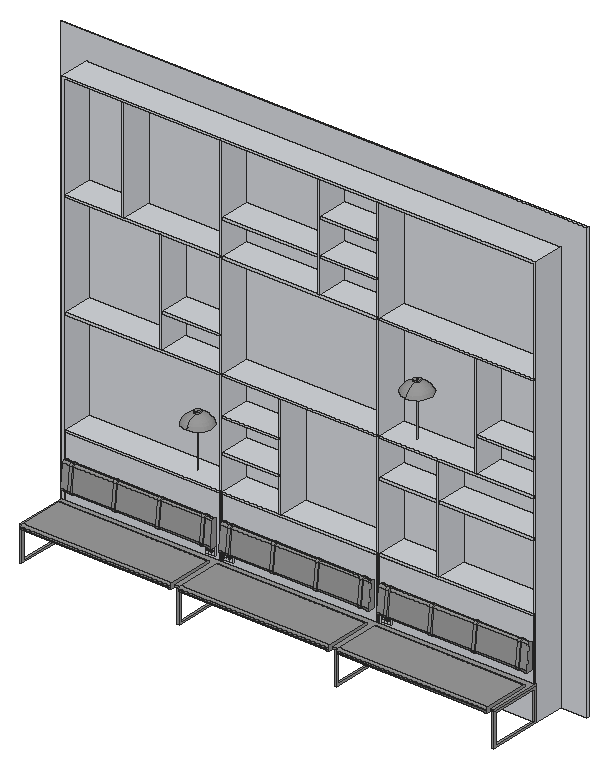
Revit family "Bar Library Short", category Furniture Systems, Revit 2015
Reference planes
  plane 1 "Center (Front/Back)": y = 0
  plane 2: z = 0
  plane 3 "Center (Left/Right)": x = 0
Forms (mm)
  Extrusion 1, solid
    sketch origin (-1480, 20, 0) x (1, 0, 0) y (0, 1, 0)
      loop
        line (-1520, 0) -> (-1520, -20) -> (4480, -20) -> (4480, 0) -> (-1520, 0)
    from 0 to 5000
  Extrusion 2, solid
    sketch origin (-3000, 0, 0) x (1, 0, 0) y (0, 0, 1)
      loop
        line (300, 4700) -> (300, 0) -> (325, 0) -> (325, 4675) -> (5675, 4675) -> (5675, 0) -> (5700, 0) -> (5700, 4700) -> (300, 4700)
    from 0 to 350
  Extrusion 3, solid
    sketch origin (-3000, 0, 0) x (1, 0, 0) y (0, 0, 1)
      loop
        line (2091.5, 0) -> (2116.5, 0) -> (2116.5, 4675) -> (2091.5, 4675) -> (2091.5, 0)
      loop
        line (3883.5, 0) -> (3908.5, 0) -> (3908.5, 4675) -> (3883.5, 4675) -> (3883.5, 0)
    from 0 to 350
  Extrusion 4, solid
    sketch origin (-3000, 0, 1150) x (1, 0, 0) y (0, 0, 1)
      loop
        line (325, 1125) -> (2091.5, 1125) -> (2091.5, 1150) -> (325, 1150) -> (325, 1125)
    from 0 to 350
  Extrusion 5, solid
    sketch origin (-3000, 0, 2350) x (1, 0, 0) y (0, 0, 1)
      loop
        line (325, 1125) -> (2091.5, 1125) -> (2091.5, 1150) -> (325, 1150) -> (325, 1125)
    from 0 to 350
  Extrusion 6, solid
    sketch origin (-1212.5, 0, 1150) x (1, 0, 0) y (0, 0, 1)
      loop
        line (329, 1125) -> (2096, 1125) -> (2096, 1150) -> (329, 1150) -> (329, 1125)
    from 0 to 350
  Extrusion 7, solid
    sketch origin (-1212.5, 0, 2350) x (1, 0, 0) y (0, 0, 1)
      loop
        line (329, 1125) -> (2096, 1125) -> (2096, 1150) -> (329, 1150) -> (329, 1125)
    from 0 to 350
  Extrusion 8, solid
    sketch origin (587.5, 0, 1150) x (1, 0, 0) y (0, 0, 1)
      loop
        line (321, 1125) -> (2087.5, 1125) -> (2087.5, 1150) -> (321, 1150) -> (321, 1125)
    from 0 to 350
  Extrusion 9, solid
    sketch origin (587.5, 0, 2350) x (1, 0, 0) y (0, 0, 1)
      loop
        line (321, 1125) -> (2087.5, 1125) -> (2087.5, 1150) -> (321, 1150) -> (321, 1125)
    from 0 to 350
  Extrusion 10, solid
    sketch origin (-3000, 0, 1550) x (1, 0, 0) y (0, 0, 1)
      loop
        line (1432.5, 1125) -> (2091.5, 1125) -> (2091.5, 1150) -> (1432.5, 1150) -> (1432.5, 1125)
    from 0 to 350
  Extrusion 11, solid
    sketch origin (-442.5, 0, 1800.745) x (0, 0, 1) y (-1, 0, 0)
      loop
        line (499.255, 1125) -> (1674.255, 1125) -> (1674.255, 1150) -> (499.255, 1150) -> (499.255, 1125)
    from 0 to 350
  Extrusion 12, solid
    sketch origin (-1200, 0, 2750) x (1, 0, 0) y (0, 0, 1)
      loop
        line (316.5, 1125) -> (2083.5, 1125) -> (2083.5, 1150) -> (316.5, 1150) -> (316.5, 1125)
    from 0 to 350
  Extrusion 13, solid
    sketch origin (1357.5, 0, 3000.745) x (0, 0, 1) y (-1, 0, 0)
      loop
        line (499.255, 1125) -> (1674.255, 1125) -> (1674.255, 1150) -> (499.255, 1150) -> (499.255, 1125)
    from 0 to 350
  Extrusion 14, solid
    sketch origin (-1200, 0, 3150) x (1, 0, 0) y (0, 0, 1)
      loop
        line (1432.5, 1125) -> (2083.5, 1125) -> (2083.5, 1150) -> (1432.5, 1150) -> (1432.5, 1125)
    from 0 to 350
  Extrusion 15, solid
    sketch origin (587.5, 0, 1550) x (1, 0, 0) y (0, 0, 1)
      loop
        line (1432.5, 1125) -> (2087.5, 1125) -> (2087.5, 1150) -> (1432.5, 1150) -> (1432.5, 1125)
    from 0 to 350
  Extrusion 16, solid
    sketch origin (3145, 0, 1800.745) x (0, 0, 1) y (-1, 0, 0)
      loop
        line (499.255, 1125) -> (1674.255, 1125) -> (1674.255, 1150) -> (499.255, 1150) -> (499.255, 1125)
    from 0 to 350
  Extrusion 17, solid
    sketch origin (1200, 0, 3000) x (-1, 0, 0) y (0, 0, -1)
      loop
        line (1432.5, 1125) -> (2083.5, 1125) -> (2083.5, 1150) -> (1432.5, 1150) -> (1432.5, 1125)
    from 0 to 350
  Extrusion 18, solid
    sketch origin (-1357.5, 0, 2749.255) x (0, 0, -1) y (1, 0, 0)
      loop
        line (474.255, 1125) -> (1649.255, 1125) -> (1649.255, 1150) -> (474.255, 1150) -> (474.255, 1125)
    from 0 to 350
  Extrusion 19, solid
    sketch origin (-3145, 0, 5124.255) x (0, 0, -1) y (1, 0, 0)
      loop
        line (449.255, 1125) -> (1624.255, 1125) -> (1624.255, 1150) -> (449.255, 1150) -> (449.255, 1125)
    from 0 to 350
  Extrusion 20, solid
    sketch origin (-2320, 0, 350) x (1, 0, 0) y (0, 0, 1)
      loop
        line (1436.5, 1125) -> (2087.5, 1125) -> (2087.5, 1150) -> (1436.5, 1150) -> (1436.5, 1125)
    from 0 to 350
  Extrusion 21, solid
    sketch origin (442.5, 0, 2724.255) x (0, 0, -1) y (1, 0, 0)
      loop
        line (449.255, 1125) -> (1624.255, 1125) -> (1624.255, 1150) -> (449.255, 1150) -> (449.255, 1125)
    from 0 to 350
  Extrusion 22, solid
    sketch origin (3000, 0, 3000) x (-1, 0, 0) y (0, 0, -1)
      loop
        line (325, 1125) -> (2091.5, 1125) -> (2091.5, 1150) -> (325, 1150) -> (325, 1125)
    from 0 to 350
  Extrusion 23, solid, material "Leather, Dark Brown"
    sketch origin (-2532, -290.6, 0) x (0, 1, 0) y (0, 0, -1)
      loop
        line (-81.4, -814.172) -> (-91.869, -814.172)
        arc (-91.869, -814.172) -> (-105.252, -809.035) -> (-111.759, -796.263) r 20
        line (-111.759, -796.263) -> (-138.622, -540.679)
        arc (-138.622, -540.679) -> (-134.275, -526.002) -> (-120.823, -518.698) r 20
        line (-120.823, -518.698) -> (-83.491, -514.774)
        arc (-83.491, -514.774) -> (-68.018, -519.802) -> (-61.4, -534.664) r 20
        line (-61.4, -534.664) -> (-59.4, -534.664)
        arc (-59.4, -534.664) -> (-66.679, -518.315) -> (-83.7, -512.785) r 22
        line (-83.7, -512.785) -> (-121.032, -516.709)
        arc (-121.032, -516.709) -> (-135.829, -524.743) -> (-140.611, -540.888) r 22
        line (-140.611, -540.888) -> (-113.748, -796.472)
        arc (-113.748, -796.472) -> (-106.59, -810.521) -> (-91.869, -816.172) r 22
        line (-91.869, -816.172) -> (-81.4, -816.172)
        arc (-81.4, -816.172) -> (-65.844, -809.729) -> (-59.4, -794.172) r 22
        line (-59.4, -794.172) -> (-61.4, -794.172)
        arc (-61.4, -794.172) -> (-67.258, -808.314) -> (-81.4, -814.172) r 20
    from 0 to 36
  Extrusion 24, solid, material "Steelcut trio 325"
    sketch origin (-2855, -288.6, 0) x (0, -1, 0) y (0, 0, -1)
      loop
        line (661.742, -360) -> (661.742, -390) -> (156.561, -390) -> (155.73, -397.909)
        arc (155.73, -397.909) -> (160.758, -413.383) -> (175.621, -420) r 20
        line (175.621, -420) -> (686.742, -420)
        arc (686.742, -420) -> (700.884, -414.142) -> (706.742, -400) r 20
        line (706.742, -400) -> (706.742, -380)
        arc (706.742, -380) -> (700.884, -365.858) -> (686.742, -360) r 20
        line (686.742, -360) -> (661.742, -360)
      loop
        arc (138.622, -540.679) -> (134.275, -526.002) -> (120.823, -518.698) r 20
        line (120.823, -518.698) -> (83.491, -514.774)
        arc (83.491, -514.774) -> (68.018, -519.802) -> (61.4, -534.664) r 20
        line (61.4, -534.664) -> (61.4, -794.172)
        arc (61.4, -794.172) -> (67.258, -808.314) -> (81.4, -814.172) r 20
        line (81.4, -814.172) -> (91.869, -814.172)
        arc (91.869, -814.172) -> (105.252, -809.035) -> (111.759, -796.263) r 20
        line (111.759, -796.263) -> (138.622, -540.679)
    from 205 to 1905
  Extrusion 25, solid, material "Leather, Dark Brown"
    sketch origin (-2032, -290.6, 0) x (0, 1, 0) y (0, 0, -1)
      loop
        line (-81.4, -814.172) -> (-91.869, -814.172)
        arc (-91.869, -814.172) -> (-105.252, -809.035) -> (-111.759, -796.263) r 20
        line (-111.759, -796.263) -> (-138.622, -540.679)
        arc (-138.622, -540.679) -> (-134.275, -526.002) -> (-120.823, -518.698) r 20
        line (-120.823, -518.698) -> (-83.491, -514.774)
        arc (-83.491, -514.774) -> (-68.018, -519.802) -> (-61.4, -534.664) r 20
        line (-61.4, -534.664) -> (-59.4, -534.664)
        arc (-59.4, -534.664) -> (-66.679, -518.315) -> (-83.7, -512.785) r 22
        line (-83.7, -512.785) -> (-121.032, -516.709)
        arc (-121.032, -516.709) -> (-135.829, -524.743) -> (-140.611, -540.888) r 22
        line (-140.611, -540.888) -> (-113.748, -796.472)
        arc (-113.748, -796.472) -> (-106.59, -810.521) -> (-91.869, -816.172) r 22
        line (-91.869, -816.172) -> (-81.4, -816.172)
        arc (-81.4, -816.172) -> (-65.844, -809.729) -> (-59.4, -794.172) r 22
        line (-59.4, -794.172) -> (-61.4, -794.172)
        arc (-61.4, -794.172) -> (-67.258, -808.314) -> (-81.4, -814.172) r 20
    from 0 to 36
  Extrusion 26, solid, material "Leather, Dark Brown"
    sketch origin (-1532, -290.6, 0) x (0, 1, 0) y (0, 0, -1)
      loop
        line (-81.4, -814.172) -> (-91.869, -814.172)
        arc (-91.869, -814.172) -> (-105.252, -809.035) -> (-111.759, -796.263) r 20
        line (-111.759, -796.263) -> (-138.622, -540.679)
        arc (-138.622, -540.679) -> (-134.275, -526.002) -> (-120.823, -518.698) r 20
        line (-120.823, -518.698) -> (-83.491, -514.774)
        arc (-83.491, -514.774) -> (-68.018, -519.802) -> (-61.4, -534.664) r 20
        line (-61.4, -534.664) -> (-59.4, -534.664)
        arc (-59.4, -534.664) -> (-66.679, -518.315) -> (-83.7, -512.785) r 22
        line (-83.7, -512.785) -> (-121.032, -516.709)
        arc (-121.032, -516.709) -> (-135.829, -524.743) -> (-140.611, -540.888) r 22
        line (-140.611, -540.888) -> (-113.748, -796.472)
        arc (-113.748, -796.472) -> (-106.59, -810.521) -> (-91.869, -816.172) r 22
        line (-91.869, -816.172) -> (-81.4, -816.172)
        arc (-81.4, -816.172) -> (-65.844, -809.729) -> (-59.4, -794.172) r 22
        line (-59.4, -794.172) -> (-61.4, -794.172)
        arc (-61.4, -794.172) -> (-67.258, -808.314) -> (-81.4, -814.172) r 20
    from 0 to 36
  Extrusion 27, solid, material "Leather, Dark Brown"
    sketch origin (-1032, -290.6, 0) x (0, 1, 0) y (0, 0, -1)
      loop
        line (-81.4, -814.172) -> (-91.869, -814.172)
        arc (-91.869, -814.172) -> (-105.252, -809.035) -> (-111.759, -796.263) r 20
        line (-111.759, -796.263) -> (-138.622, -540.679)
        arc (-138.622, -540.679) -> (-134.275, -526.002) -> (-120.823, -518.698) r 20
        line (-120.823, -518.698) -> (-83.491, -514.774)
        arc (-83.491, -514.774) -> (-68.018, -519.802) -> (-61.4, -534.664) r 20
        line (-61.4, -534.664) -> (-59.4, -534.664)
        arc (-59.4, -534.664) -> (-66.679, -518.315) -> (-83.7, -512.785) r 22
        line (-83.7, -512.785) -> (-121.032, -516.709)
        arc (-121.032, -516.709) -> (-135.829, -524.743) -> (-140.611, -540.888) r 22
        line (-140.611, -540.888) -> (-113.748, -796.472)
        arc (-113.748, -796.472) -> (-106.59, -810.521) -> (-91.869, -816.172) r 22
        line (-91.869, -816.172) -> (-81.4, -816.172)
        arc (-81.4, -816.172) -> (-65.844, -809.729) -> (-59.4, -794.172) r 22
        line (-59.4, -794.172) -> (-61.4, -794.172)
        arc (-61.4, -794.172) -> (-67.258, -808.314) -> (-81.4, -814.172) r 20
    from 0 to 36
  Extrusion 28, solid, material "Leather, Dark Brown"
    sketch origin (-732, -290.6, 0) x (0, 1, 0) y (0, 0, -1)
      loop
        line (-81.4, -814.172) -> (-91.869, -814.172)
        arc (-91.869, -814.172) -> (-105.252, -809.035) -> (-111.759, -796.263) r 20
        line (-111.759, -796.263) -> (-138.622, -540.679)
        arc (-138.622, -540.679) -> (-134.275, -526.002) -> (-120.823, -518.698) r 20
        line (-120.823, -518.698) -> (-83.491, -514.774)
        arc (-83.491, -514.774) -> (-68.018, -519.802) -> (-61.4, -534.664) r 20
        line (-61.4, -534.664) -> (-59.4, -534.664)
        arc (-59.4, -534.664) -> (-66.679, -518.315) -> (-83.7, -512.785) r 22
        line (-83.7, -512.785) -> (-121.032, -516.709)
        arc (-121.032, -516.709) -> (-135.829, -524.743) -> (-140.611, -540.888) r 22
        line (-140.611, -540.888) -> (-113.748, -796.472)
        arc (-113.748, -796.472) -> (-106.59, -810.521) -> (-91.869, -816.172) r 22
        line (-91.869, -816.172) -> (-81.4, -816.172)
        arc (-81.4, -816.172) -> (-65.844, -809.729) -> (-59.4, -794.172) r 22
        line (-59.4, -794.172) -> (-61.4, -794.172)
        arc (-61.4, -794.172) -> (-67.258, -808.314) -> (-81.4, -814.172) r 20
    from 0 to 36
  Extrusion 29, solid, material "Steelcut trio 325"
    sketch origin (-1055, -288.6, 0) x (0, -1, 0) y (0, 0, -1)
      loop
        line (661.742, -360) -> (661.742, -390) -> (156.561, -390) -> (155.73, -397.909)
        arc (155.73, -397.909) -> (160.758, -413.383) -> (175.621, -420) r 20
        line (175.621, -420) -> (686.742, -420)
        arc (686.742, -420) -> (700.884, -414.142) -> (706.742, -400) r 20
        line (706.742, -400) -> (706.742, -380)
        arc (706.742, -380) -> (700.884, -365.858) -> (686.742, -360) r 20
        line (686.742, -360) -> (661.742, -360)
      loop
        arc (138.622, -540.679) -> (134.275, -526.002) -> (120.823, -518.698) r 20
        line (120.823, -518.698) -> (83.491, -514.774)
        arc (83.491, -514.774) -> (68.018, -519.802) -> (61.4, -534.664) r 20
        line (61.4, -534.664) -> (61.4, -794.172)
        arc (61.4, -794.172) -> (67.258, -808.314) -> (81.4, -814.172) r 20
        line (81.4, -814.172) -> (91.869, -814.172)
        arc (91.869, -814.172) -> (105.252, -809.035) -> (111.759, -796.263) r 20
        line (111.759, -796.263) -> (138.622, -540.679)
    from 205 to 1905
  Extrusion 30, solid, material "Leather, Dark Brown"
    sketch origin (-232, -290.6, 0) x (0, 1, 0) y (0, 0, -1)
      loop
        line (-81.4, -814.172) -> (-91.869, -814.172)
        arc (-91.869, -814.172) -> (-105.252, -809.035) -> (-111.759, -796.263) r 20
        line (-111.759, -796.263) -> (-138.622, -540.679)
        arc (-138.622, -540.679) -> (-134.275, -526.002) -> (-120.823, -518.698) r 20
        line (-120.823, -518.698) -> (-83.491, -514.774)
        arc (-83.491, -514.774) -> (-68.018, -519.802) -> (-61.4, -534.664) r 20
        line (-61.4, -534.664) -> (-59.4, -534.664)
        arc (-59.4, -534.664) -> (-66.679, -518.315) -> (-83.7, -512.785) r 22
        line (-83.7, -512.785) -> (-121.032, -516.709)
        arc (-121.032, -516.709) -> (-135.829, -524.743) -> (-140.611, -540.888) r 22
        line (-140.611, -540.888) -> (-113.748, -796.472)
        arc (-113.748, -796.472) -> (-106.59, -810.521) -> (-91.869, -816.172) r 22
        line (-91.869, -816.172) -> (-81.4, -816.172)
        arc (-81.4, -816.172) -> (-65.844, -809.729) -> (-59.4, -794.172) r 22
        line (-59.4, -794.172) -> (-61.4, -794.172)
        arc (-61.4, -794.172) -> (-67.258, -808.314) -> (-81.4, -814.172) r 20
    from 0 to 36
  Extrusion 31, solid, material "Leather, Dark Brown"
    sketch origin (268, -290.6, 0) x (0, 1, 0) y (0, 0, -1)
      loop
        line (-81.4, -814.172) -> (-91.869, -814.172)
        arc (-91.869, -814.172) -> (-105.252, -809.035) -> (-111.759, -796.263) r 20
        line (-111.759, -796.263) -> (-138.622, -540.679)
        arc (-138.622, -540.679) -> (-134.275, -526.002) -> (-120.823, -518.698) r 20
        line (-120.823, -518.698) -> (-83.491, -514.774)
        arc (-83.491, -514.774) -> (-68.018, -519.802) -> (-61.4, -534.664) r 20
        line (-61.4, -534.664) -> (-59.4, -534.664)
        arc (-59.4, -534.664) -> (-66.679, -518.315) -> (-83.7, -512.785) r 22
        line (-83.7, -512.785) -> (-121.032, -516.709)
        arc (-121.032, -516.709) -> (-135.829, -524.743) -> (-140.611, -540.888) r 22
        line (-140.611, -540.888) -> (-113.748, -796.472)
        arc (-113.748, -796.472) -> (-106.59, -810.521) -> (-91.869, -816.172) r 22
        line (-91.869, -816.172) -> (-81.4, -816.172)
        arc (-81.4, -816.172) -> (-65.844, -809.729) -> (-59.4, -794.172) r 22
        line (-59.4, -794.172) -> (-61.4, -794.172)
        arc (-61.4, -794.172) -> (-67.258, -808.314) -> (-81.4, -814.172) r 20
    from 0 to 36
  Extrusion 32, solid, material "Leather, Dark Brown"
    sketch origin (768, -290.6, 0) x (0, 1, 0) y (0, 0, -1)
      loop
        line (-81.4, -814.172) -> (-91.869, -814.172)
        arc (-91.869, -814.172) -> (-105.252, -809.035) -> (-111.759, -796.263) r 20
        line (-111.759, -796.263) -> (-138.622, -540.679)
        arc (-138.622, -540.679) -> (-134.275, -526.002) -> (-120.823, -518.698) r 20
        line (-120.823, -518.698) -> (-83.491, -514.774)
        arc (-83.491, -514.774) -> (-68.018, -519.802) -> (-61.4, -534.664) r 20
        line (-61.4, -534.664) -> (-59.4, -534.664)
        arc (-59.4, -534.664) -> (-66.679, -518.315) -> (-83.7, -512.785) r 22
        line (-83.7, -512.785) -> (-121.032, -516.709)
        arc (-121.032, -516.709) -> (-135.829, -524.743) -> (-140.611, -540.888) r 22
        line (-140.611, -540.888) -> (-113.748, -796.472)
        arc (-113.748, -796.472) -> (-106.59, -810.521) -> (-91.869, -816.172) r 22
        line (-91.869, -816.172) -> (-81.4, -816.172)
        arc (-81.4, -816.172) -> (-65.844, -809.729) -> (-59.4, -794.172) r 22
        line (-59.4, -794.172) -> (-61.4, -794.172)
        arc (-61.4, -794.172) -> (-67.258, -808.314) -> (-81.4, -814.172) r 20
    from 0 to 36
  Extrusion 33, solid, material "Leather, Dark Brown"
    sketch origin (2532, -290.6, 0) x (0, 1, 0) y (0, 0, 1)
      loop
        arc (-81.4, 814.172) -> (-67.258, 808.314) -> (-61.4, 794.172) r 20
        line (-61.4, 794.172) -> (-59.4, 794.172)
        arc (-59.4, 794.172) -> (-65.844, 809.729) -> (-81.4, 816.172) r 22
        line (-81.4, 816.172) -> (-91.869, 816.172)
        arc (-91.869, 816.172) -> (-106.59, 810.521) -> (-113.748, 796.472) r 22
        line (-113.748, 796.472) -> (-140.611, 540.888)
        arc (-140.611, 540.888) -> (-135.829, 524.743) -> (-121.032, 516.709) r 22
        line (-121.032, 516.709) -> (-83.7, 512.785)
        arc (-83.7, 512.785) -> (-66.679, 518.315) -> (-59.4, 534.664) r 22
        line (-59.4, 534.664) -> (-61.4, 534.664)
        arc (-61.4, 534.664) -> (-68.018, 519.802) -> (-83.491, 514.774) r 20
        line (-83.491, 514.774) -> (-120.823, 518.698)
        arc (-120.823, 518.698) -> (-134.275, 526.002) -> (-138.622, 540.679) r 20
        line (-138.622, 540.679) -> (-111.759, 796.263)
        arc (-111.759, 796.263) -> (-105.252, 809.035) -> (-91.869, 814.172) r 20
        line (-91.869, 814.172) -> (-81.4, 814.172)
    from 0 to 36
  Extrusion 34, solid, material "Steelcut trio 325"
    sketch origin (2855, -288.6, 0) x (0, -1, 0) y (0, 0, 1)
      loop
        line (661.742, 360) -> (686.742, 360)
        arc (686.742, 360) -> (700.884, 365.858) -> (706.742, 380) r 20
        line (706.742, 380) -> (706.742, 400)
        arc (706.742, 400) -> (700.884, 414.142) -> (686.742, 420) r 20
        line (686.742, 420) -> (175.621, 420)
        arc (175.621, 420) -> (160.758, 413.383) -> (155.73, 397.909) r 20
        line (155.73, 397.909) -> (156.561, 390) -> (661.742, 390) -> (661.742, 360)
      loop
        line (138.622, 540.679) -> (111.759, 796.263)
        arc (111.759, 796.263) -> (105.252, 809.035) -> (91.869, 814.172) r 20
        line (91.869, 814.172) -> (81.4, 814.172)
        arc (81.4, 814.172) -> (67.258, 808.314) -> (61.4, 794.172) r 20
        line (61.4, 794.172) -> (61.4, 534.664)
        arc (61.4, 534.664) -> (68.018, 519.802) -> (83.491, 514.774) r 20
        line (83.491, 514.774) -> (120.823, 518.698)
        arc (120.823, 518.698) -> (134.275, 526.002) -> (138.622, 540.679) r 20
    from 205 to 1905
  Extrusion 35, solid, material "Leather, Dark Brown"
    sketch origin (2032, -290.6, 0) x (0, 1, 0) y (0, 0, 1)
      loop
        arc (-81.4, 814.172) -> (-67.258, 808.314) -> (-61.4, 794.172) r 20
        line (-61.4, 794.172) -> (-59.4, 794.172)
        arc (-59.4, 794.172) -> (-65.844, 809.729) -> (-81.4, 816.172) r 22
        line (-81.4, 816.172) -> (-91.869, 816.172)
        arc (-91.869, 816.172) -> (-106.59, 810.521) -> (-113.748, 796.472) r 22
        line (-113.748, 796.472) -> (-140.611, 540.888)
        arc (-140.611, 540.888) -> (-135.829, 524.743) -> (-121.032, 516.709) r 22
        line (-121.032, 516.709) -> (-83.7, 512.785)
        arc (-83.7, 512.785) -> (-66.679, 518.315) -> (-59.4, 534.664) r 22
        line (-59.4, 534.664) -> (-61.4, 534.664)
        arc (-61.4, 534.664) -> (-68.018, 519.802) -> (-83.491, 514.774) r 20
        line (-83.491, 514.774) -> (-120.823, 518.698)
        arc (-120.823, 518.698) -> (-134.275, 526.002) -> (-138.622, 540.679) r 20
        line (-138.622, 540.679) -> (-111.759, 796.263)
        arc (-111.759, 796.263) -> (-105.252, 809.035) -> (-91.869, 814.172) r 20
        line (-91.869, 814.172) -> (-81.4, 814.172)
    from 0 to 36
  Extrusion 36, solid, material "Leather, Dark Brown"
    sketch origin (1532, -290.6, 0) x (0, 1, 0) y (0, 0, 1)
      loop
        arc (-81.4, 814.172) -> (-67.258, 808.314) -> (-61.4, 794.172) r 20
        line (-61.4, 794.172) -> (-59.4, 794.172)
        arc (-59.4, 794.172) -> (-65.844, 809.729) -> (-81.4, 816.172) r 22
        line (-81.4, 816.172) -> (-91.869, 816.172)
        arc (-91.869, 816.172) -> (-106.59, 810.521) -> (-113.748, 796.472) r 22
        line (-113.748, 796.472) -> (-140.611, 540.888)
        arc (-140.611, 540.888) -> (-135.829, 524.743) -> (-121.032, 516.709) r 22
        line (-121.032, 516.709) -> (-83.7, 512.785)
        arc (-83.7, 512.785) -> (-66.679, 518.315) -> (-59.4, 534.664) r 22
        line (-59.4, 534.664) -> (-61.4, 534.664)
        arc (-61.4, 534.664) -> (-68.018, 519.802) -> (-83.491, 514.774) r 20
        line (-83.491, 514.774) -> (-120.823, 518.698)
        arc (-120.823, 518.698) -> (-134.275, 526.002) -> (-138.622, 540.679) r 20
        line (-138.622, 540.679) -> (-111.759, 796.263)
        arc (-111.759, 796.263) -> (-105.252, 809.035) -> (-91.869, 814.172) r 20
        line (-91.869, 814.172) -> (-81.4, 814.172)
    from 0 to 36
  Extrusion 37, solid, material "Leather, Dark Brown"
    sketch origin (1032, -290.6, 0) x (0, 1, 0) y (0, 0, 1)
      loop
        arc (-81.4, 814.172) -> (-67.258, 808.314) -> (-61.4, 794.172) r 20
        line (-61.4, 794.172) -> (-59.4, 794.172)
        arc (-59.4, 794.172) -> (-65.844, 809.729) -> (-81.4, 816.172) r 22
        line (-81.4, 816.172) -> (-91.869, 816.172)
        arc (-91.869, 816.172) -> (-106.59, 810.521) -> (-113.748, 796.472) r 22
        line (-113.748, 796.472) -> (-140.611, 540.888)
        arc (-140.611, 540.888) -> (-135.829, 524.743) -> (-121.032, 516.709) r 22
        line (-121.032, 516.709) -> (-83.7, 512.785)
        arc (-83.7, 512.785) -> (-66.679, 518.315) -> (-59.4, 534.664) r 22
        line (-59.4, 534.664) -> (-61.4, 534.664)
        arc (-61.4, 534.664) -> (-68.018, 519.802) -> (-83.491, 514.774) r 20
        line (-83.491, 514.774) -> (-120.823, 518.698)
        arc (-120.823, 518.698) -> (-134.275, 526.002) -> (-138.622, 540.679) r 20
        line (-138.622, 540.679) -> (-111.759, 796.263)
        arc (-111.759, 796.263) -> (-105.252, 809.035) -> (-91.869, 814.172) r 20
        line (-91.869, 814.172) -> (-81.4, 814.172)
    from 0 to 36
  Extrusion 38, solid
    sketch origin (-3000, 0, -50) x (1, 0, 0) y (0, 0, 1)
      loop
        line (325, 1125) -> (2091.5, 1125) -> (2091.5, 1150) -> (325, 1150) -> (325, 1125)
    from 0 to 350
  Extrusion 39, solid
    sketch origin (-1212.5, 0, -50) x (1, 0, 0) y (0, 0, 1)
      loop
        line (329, 1125) -> (2096, 1125) -> (2096, 1150) -> (329, 1150) -> (329, 1125)
    from 0 to 350
  Extrusion 40, solid
    sketch origin (587.5, 0, -50) x (1, 0, 0) y (0, 0, 1)
      loop
        line (321, 1125) -> (2087.5, 1125) -> (2087.5, 1150) -> (321, 1150) -> (321, 1125)
    from 0 to 350
  Extrusion 41, solid, material "Ash(1)"
    sketch origin (1042, -950, 240) x (0, 0, 1) y (1, 0, 0)
      loop
        line (150, 1658) -> (132, 1658) -> (132, -3742) -> (150, -3742) -> (150, 1658)
    from 0 to 600
  Extrusion 42, solid, material "UHMW, Black"
    sketch origin (2682, -888.6, 0) x (0, -1, 0) y (0, 0, -1)
      loop
        line (61.4, -372) -> (61.4, 0) -> (-538.6, 0) -> (-538.6, -372) -> (61.4, -372)
      loop
        line (43.4, -354) -> (43.4, -18) -> (-520.6, -18) -> (-520.6, -354) -> (43.4, -354)
    from -7 to 18
  Extrusion 43, solid
    sketch origin (2675, -888.6, 0) x (0, 1, 0) y (0, 0, -1)
      loop
        line (538.6, -1075) -> (558.6, -1075) -> (558.6, 0) -> (538.6, 0) -> (538.6, -1075)
    from 0 to 1766.5
  Extrusion 44, solid
    sketch origin (882, -888.6, 0) x (0, 1, 0) y (0, 0, -1)
      loop
        line (538.6, -1075) -> (558.6, -1075) -> (558.6, 0) -> (538.6, 0) -> (538.6, -1075)
    from -1.5 to 1765.5
  Extrusion 45, solid
    sketch origin (-905.5, -888.6, 0) x (0, 1, 0) y (0, 0, -1)
      loop
        line (538.6, -1075) -> (558.6, -1075) -> (558.6, 0) -> (538.6, 0) -> (538.6, -1075)
    from 3 to 1769.5
  Extrusion 46, solid, material "UHMW, Black"
    sketch origin (883.5, -888.6, 0) x (0, -1, 0) y (0, 0, -1)
      loop
        line (61.4, -372) -> (61.4, 0) -> (-538.6, 0) -> (-538.6, -372) -> (61.4, -372)
      loop
        line (43.4, -354) -> (43.4, -18) -> (-520.6, -18) -> (-520.6, -354) -> (43.4, -354)
    from 0 to 25
  Extrusion 47, solid, material "UHMW, Black"
    sketch origin (-908.5, -888.6, 0) x (0, -1, 0) y (0, 0, -1)
      loop
        line (61.4, -372) -> (61.4, 0) -> (-538.6, 0) -> (-538.6, -372) -> (61.4, -372)
      loop
        line (43.4, -354) -> (43.4, -18) -> (-520.6, -18) -> (-520.6, -354) -> (43.4, -354)
    from 0 to 25
  Extrusion 48, solid, material "UHMW, Black"
    sketch origin (-2700, -888.6, 0) x (0, -1, 0) y (0, 0, -1)
      loop
        line (61.4, -372) -> (61.4, 0) -> (-538.6, 0) -> (-538.6, -372) -> (61.4, -372)
      loop
        line (43.4, -354) -> (43.4, -18) -> (-520.6, -18) -> (-520.6, -354) -> (43.4, -354)
    from 0 to 25
Dimensions and locks
  Extrusion 1 to Extrusion 2 sketch curve = 300 mm  (x2)
  Extrusion 2 sketch curve to Extrusion 1 = 300 mm
  Extrusion 2 sketch curve to Extrusion 1 = 0 mm
  Extrusion 24 sketch curve to Extrusion 24 sketch curve = 550.18 mm
  Extrusion 29 sketch curve to Extrusion 29 sketch curve = 550.18 mm
  Extrusion 34 sketch curve to Extrusion 34 sketch curve = 550.18 mm
  Extrusion 42 to level = 372 mm
  Extrusion 20 to level = 1500 mm
  level to Extrusion 20 = 1475 mm
  Extrusion 2 to Extrusion 1 = 4700 mm
  Extrusion 2 to Extrusion 42 = 600 mm
  aligned and locked: level to plane 2
  aligned and locked: Extrusion 12 to Extrusion 3  (x2)
  aligned and locked: Extrusion 7 to Extrusion 3  (x2)
  aligned and locked: Extrusion 5 to Extrusion 3
  aligned and locked: Extrusion 10 to Extrusion 3
  aligned and locked: Extrusion 4 to Extrusion 3
  aligned and locked: Extrusion 6 to Extrusion 3  (x2)
  aligned and locked: Extrusion 17 to Extrusion 3
  aligned and locked: Extrusion 20 to Extrusion 3
  aligned and locked: Extrusion 38 to Extrusion 3
  aligned and locked: Extrusion 39 to Extrusion 3  (x2)
  aligned and locked: Extrusion 45 to Extrusion 3
  aligned and locked: Extrusion 44 to Extrusion 3  (x2)
  aligned and locked: Extrusion 14 to Extrusion 3
Nested families
  nested 1: "Sempre Table Lamp" at (1206.167, -177.532, 0) x (0, 1, 0) z (0, 0, 1), type "Sempre Table Lamp"
    with ok gulv eller bord 2300 mm, høyde ok lampe 2900 mm
  nested 2: "Sempre Table Lamp" at (-1293.833, -177.532, 0) x (0, 1, 0) z (0, 0, 1), type "Sempre Table Lamp"
    with ok gulv eller bord 1100 mm, høyde ok lampe 1700 mm
  nested 3: "Power Outlet" at (-1057, -350, 420), type "Power Outlet"
  nested 4: "Power Outlet" at (-850, -350, 420), type "Power Outlet"
  nested 5: "Power Outlet" at (950, -350, 420), type "Power Outlet"
Definition of nested family "Sempre Table Lamp"
  Parameters (values of type "Sempre Table Lamp")
    ok gulv eller bord [instance] = 219.665 mm
    høyde ok lampe [instance] = 2000 mm
  Reference planes
    plane 1 "Center (Front/Back)": y = 0
    plane 2: z = 0
    plane 3 "Center (Left/Right)": x = 0
  Forms (mm)
    Extrusion 1, solid
      sketch origin (0, 0, 0) x (1, 0, 0) y (0, 1, 0)
        loop
          circle (0, 0) r 2.532
      from 2000 to 219.665
    Revolve 2, solid
      sketch origin (0, 0, 0) x (1, 0, 0) y (0, 0, 1)
        loop
          line (0, 2000) -> (0, 1876.5) -> (162.035, 1876.5)
          spline (162.035, 1876.5) -> (156.423, 1889.934) -> (149.636, 1902.539) -> (141.673, 1914.314) -> (132.535, 1925.26) -> (122.222, 1935.377) -> (110.734, 1944.664) -> (98.07, 1953.122) -> (84.231, 1960.75) -> (69.216, 1967.549) -> (53.027, 1973.518) -> (35.661, 1978.658) -> (17.121, 1982.969)
          line (17.121, 1982.969) -> (17.121, 1988.957) -> (37.532, 1994.426) -> (37.532, 2000) -> (0, 2000)
        axis (0, 2000) -> (0, 1876.5)
      angle from 0 to 360
  Lines and regions (mm)
    reference lines
      curve 1: line (-632.448, 0, 2000) -> (1047.552, 0, 2000)
      curve 2: line (-560.894, 0, 219.665) -> (789.27, 0, 219.665)
  Dimensions and locks
    "høyde ok lampe": curve 1 to level
    "ok gulv eller bord": curve 2 to level
    locked: curve 1 to Revolve 2 sketch curve at 123.5
    Revolve 2 sketch curve to plane 3 "Center (Left/Right)" = 162.035 mm
    aligned and locked: level to plane 2
    aligned and locked: Extrusion 1 to curve 2
    aligned and locked: curve 1 to Extrusion 1
  Automatic sketch dimensions
    plane 1 "Center (Front/Back)" to Extrusion 1 sketch curve = 0 mm
    Extrusion 1 sketch curve to plane 3 "Center (Left/Right)" = 0 mm
    Revolve 2 sketch curve to plane 3 "Center (Left/Right)" = 0 mm
    plane 3 "Center (Left/Right)" to Revolve 2 sketch curve = 17.121 mm
    Revolve 2 sketch curve to Revolve 2 sketch curve = 20.411 mm
    Revolve 2 sketch curve to Revolve 2 sketch curve = 106.469 mm
    Revolve 2 sketch curve to Revolve 2 sketch curve = 5.988 mm
    Revolve 2 sketch curve to Revolve 2 sketch curve = 5.469 mm
    Revolve 2 sketch curve to Revolve 2 sketch curve = 5.574 mm
    curve 1 to plane 3 "Center (Left/Right)" = 632.448 mm
    curve 2 to plane 3 "Center (Left/Right)" = 560.894 mm
    plane 3 "Center (Left/Right)" to curve 2 = 789.27 mm
    plane 3 "Center (Left/Right)" to curve 1 = 1047.552 mm
    radius of Extrusion 1 sketch curve = 2.532 mm
Definition of nested family "Power Outlet"
  Reference planes
    plane 1 "Center (Front/Back)": y = 0
    plane 2: z = 0
    plane 3 "Center (Left/Right)": x = 0
  Forms (mm)
    Extrusion 1, solid
      sketch origin (0, 0, 0) x (1, 0, 0) y (0, 0, 1)
        loop
          line (0, 0) -> (107, 0) -> (107, 86) -> (0, 86) -> (0, 0)
      from 0 to 11
    Extrusion 2, solid
      sketch origin (0, 0, -23.504) x (1, 0, 0) y (0, 0, 1)
        loop
          line (0, 33.007) -> (107, 33.007) -> (107, 100) -> (0, 100) -> (0, 33.007)
      from 0 to -31
    Extrusion 3, void
      sketch origin (0, 0, 0) x (1, 0, 0) y (0, 0, 1)
        loop
          circle (30, 43) r 20
      from 0 to 18.121
    Extrusion 4, void
      sketch origin (107, 0, 0) x (-1, 0, 0) y (0, 0, -1)
        loop
          circle (30, -43) r 20
      from 0 to 18.121
  Cuts and joins
    Extrusion 3, Extrusion 4 cuts Extrusion 1
    Extrusion 3, Extrusion 4 cuts Extrusion 2
  Dimensions and locks
    aligned and locked: level to plane 2
